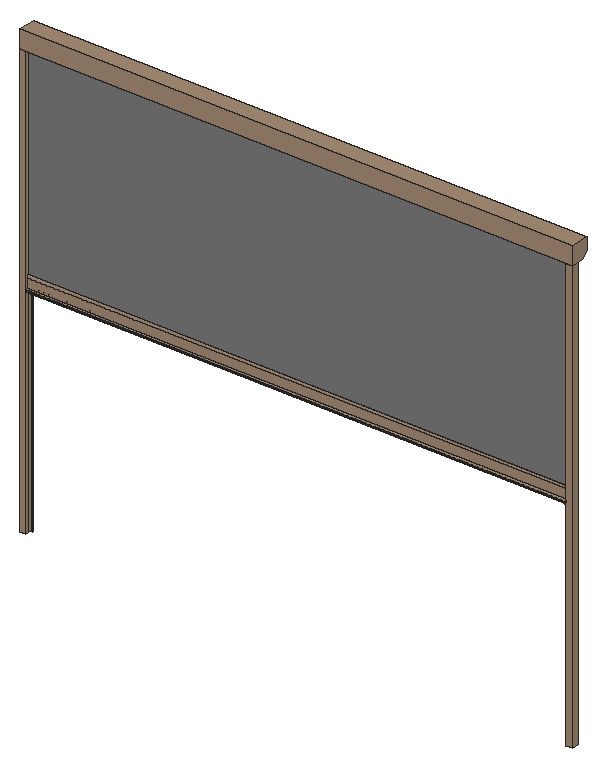
Revit family "Screen_LargeOpening_ExecutiveSeries_PhantomScreens", category Doors, host Wall, Revit 2016
Family settings
  Host = Wall
  OmniClass Number = 23.30.60.21
  OmniClass Title = Insect Screens
  Always vertical = Yes
  Cut with Voids When Loaded = No
  Shared = No
  Room Calculation Point = No
Parameters (values of type "Type as Specified")
  URL = "http://www.phantomscreens.com/"
  Type Comments = ""
  Track Width = 0' - 1 3/8"
  Track Depth = 0' - 1 17/32"
  Track = Light Cherry
  Specification = "http://www.phantomscreens.com/architects-designers/specifications-binder/"
  Slide Bar Width = 0' - 1 1/32"
  Slide Bar Height = 0' - 3 11/16"
  Slide Bar = Light Cherry
  Sizing Notes [instance] = if(or((Width > 25' 0"), (Height > 16' 0")), "Exceeds Maximum Size", "Standard Size")  # "Standard Size"
  Screen Width = 0' - 0 1/8"
  Screen = Opaque - Black
  Sales Information = "http://www.phantomscreens.com/support/"
  Roller Size [instance] = if(or((Width > 20' 0"), (Height > 11' 0")), 0' 5", (if(or((Width > 10' 0"), (Height > 8' 0")), 0' 4", 0' 2 1/2")))  # 0' - 2 1/2"
  Revision = "R1_08-2016"
  Product Properties = "http://www.phantomscreens.com/drive/uploads/2015/05/technical_specs_exec.pdf"
  Product Data = "http://www.arcat.com/arcatcos/cos9540/arc40535.html"
  Percent Open [instance] = 50
  Model = "Executive Series"
  Manufacturer Website = "http://www.phantomscreens.com/"
  Manufacturer Phone - Toll Free = ""
  Manufacturer Phone = "604-855-3654"
  Manufacturer Fax = "604-855-7834"
  Manufacturer Address = "30451 Simpson Rd.; Abbotsford; BC; Canada V2T 6C7"
  Manufacturer = "Phantom Screens"
  Keynote = "08 11 00"
  Installation-Fabrication = "http://www.phantomscreens.com/architects-designers/options/"
  Housing Size [instance] = if(or((Width > 20' 0"), (Height > 11' 0")), 0' 7 1/8", (if(or((Width > 10' 0"), (Height > 8' 0")), 0' 5 1/2", 0' 4")))  # 0' - 4"
  Housing = Light Cherry
  Function = Exterior
  Frame Projection Ext. = 0' - 1"
  Frame Projection Int. = 0' - 1"
  Frame Width = 0' - 3"
  Height [instance] = 8' - 0"
  Wall Closure = By host
  Width [instance] = 10' - 0"
  Drawn By = "Sumex Design - Robert S Weygant"
  Description = "Phantom Screens Executive Series Screen"
  Copyright = "� 2016 ARCAT Inc."
  Construction Details = "http://www.arcat.com/details/phantoms/95prod3444.html"
  Assembly Code = "B2020400"
  Amount Open [instance] = Height * (Percent Open / 100)  # 4' - 0"
Reference planes (in)
  plane 1 "Center (Front/Back)": y = 0
  plane 2 "Center (Left/Right)": x = 0
  plane 3 "Left": x = -60
  plane 4 "Right": x = 60
  plane 5 "Top": z = 96
  plane 6 "Exterior": y = 3
  plane 7 "Interior": y = -5
  plane 8: x = -61.375
  plane 9: y = 7
  plane 10: y = 4.53125
  plane 11: x = 61.375
  plane 12: z = 100
  plane 13: z = 51.6875
  plane 14: z = 48
  plane 15: y = 4.03125
  plane 16: y = 3.3635
  plane 17: y = 3.4885
Forms (in)
  Extrusion 1, solid, material "Light Cherry" <- "Track"
    sketch origin (0, 0, 0) x (1, 0, 0) y (0, 1, 0)
      loop
        line (-61.375, 4.53125) -> (-61.375, 3) -> (-60, 3) -> (-60, 3.3635) -> (-60.25, 3.3635) -> (-60.25, 3.4885) -> (-60, 3.4885) -> (-60, 4.40625) -> (-59.625, 4.40625) -> (-59.625, 4.53125) -> (-61.375, 4.53125)
      loop
        line (61.375, 4.53125) -> (59.625, 4.53125) -> (59.625, 4.40625) -> (60, 4.40625) -> (60, 3.4885) -> (60.25, 3.4885) -> (60.25, 3.3635) -> (60, 3.3635) -> (60, 3) -> (61.375, 3) -> (61.375, 4.53125)
    from 0 to 96
  Extrusion 2, solid, material "Light Cherry" <- "Housing"
    sketch origin (0, 0, 0) x (0, 1, 0) y (0, 0, 1)
      loop
        line (3, 100) -> (3, 96) -> (5.74264, 96) -> (7, 97.25736) -> (7, 100) -> (3, 100)
    from -61.375 to 61.375
  Extrusion 3, solid, material "Light Cherry" <- "Slide Bar"
    sketch origin (0, 0, 0) x (0, 1, 0) y (0, 0, 1)
      loop
        line (3.66775, 51.6875) -> (3.3635, 51.6875)
        arc (3.3635, 51.6875) -> (3.21471, 51.36839) -> (3.12357, 51.0283) r 2.0209
        line (3.12357, 51.0283) -> (3.12357, 49.02742) -> (3.27835, 49.02742) -> (3.27835, 48.97132)
        arc (3.27835, 48.97132) -> (3.09392, 48.81664) -> (3, 48.59501) r 0.51471
        line (3, 48.59501) -> (3, 48.4261)
        arc (3, 48.4261) -> (3.15071, 48.1398) -> (3.44249, 48) r 0.51471
        line (3.44249, 48) -> (3.5891, 48)
        arc (3.5891, 48) -> (3.90687, 48.17522) -> (4.03157, 48.516) r 0.51775
        arc (4.03157, 48.516) -> (3.95674, 48.7804) -> (3.75714, 48.96926) r 0.51775
        line (3.75714, 48.96926) -> (3.75714, 49.02742) -> (3.90768, 49.02742) -> (3.90768, 51.0283)
        arc (3.90768, 51.0283) -> (3.81654, 51.36839) -> (3.66775, 51.6875) r 2.0209
    from -60 to 60
  Extrusion 4, solid, material "Opaque - Black" <- "Screen"
    sketch origin (0, 0, 0) x (0, 1, 0) y (0, 0, 1)
      loop
        line (3.4885, 96) -> (3.3635, 96) -> (3.3635, 51.6875) -> (3.4885, 51.6875) -> (3.4885, 96)
    from -60 to 60
Lines and regions (in)
  Opening 1
    outline origin (-90, -5, 0) x (1, 0, 0) y (0, 0, 1)
      loop
        line (30, 0) -> (150, 0) -> (150, 96) -> (30, 96) -> (30, 0)
  symbolic lines, style "Elevation Swing"
    curve 1: line (60, 0, 96) -> (0, 0, 0)
    curve 2: line (0, 0, 0) -> (-59.625, 0, 96)
Text (in)
  text "Exterior" at (-74.96733, 27.31104, 0), in view "Ref. Level"
  text "Interior" at (-74.96733, -25.14366, 0), in view "Ref. Level"
  text "Exterior" at (0, 40.15149, 123.01588), in view "Right"
  text "Interior" at (0, -64.39139, 123.01588), in view "Right"
  text "Interior" at (0, -31.01599, 123.00693), in view "Left"
  text "Exterior" at (0, 54.57065, 123.00693), in view "Left"
Dimensions and locks (in)
  equal spacing: plane 3 "Left", plane 2 "Center (Left/Right)", plane 4 "Right"
  "Height": level to plane 5 "Top"
  "Width": plane 3 "Left" to plane 4 "Right"
  "Track Width": plane 8 to plane 3 "Left"
  "Track Depth": plane 6 "Exterior" to plane 10
  "Track Width": plane 4 "Right" to plane 11
  "Housing Size": plane 5 "Top" to plane 12
  "Housing Size": plane 9 to plane 6 "Exterior"
  "Slide Bar Height": plane 14 to plane 13
  "Slide Bar Width": plane 15 to plane 6 "Exterior"
  "Screen Width": plane 17 to plane 16
  "Amount Open": plane 14 to level
  locked: plane 16 to plane 6 "Exterior" at 0.3635
  locked: plane 10 to Extrusion 1 sketch curve at 0.125  (x2)
  locked: plane 3 "Left" to Extrusion 1 sketch curve at 0.375
  locked: plane 4 "Right" to Extrusion 1 sketch curve at 0.25
  locked: Extrusion 1 sketch curve to plane 4 "Right" at 0.375
  aligned and locked: plane 3 "Left" to Opening 1 sketch curve
  aligned and locked: plane 5 "Top" to Opening 1 sketch curve  (x2)
  aligned and locked: Opening 1 sketch curve to plane 4 "Right"
  aligned and locked: Opening 1 sketch curve to level
  aligned and locked: plane 6 "Exterior" to host wall
  aligned and locked: plane 7 "Interior" to host wall
  aligned and locked: Extrusion 1 sketch curve to plane 10  (x2)
  aligned and locked: plane 8 to Extrusion 1 sketch curve
  aligned and locked: host wall to Extrusion 1 sketch curve
  aligned and locked: Extrusion 1 to plane 5 "Top"
  aligned and locked: Extrusion 2 sketch curve to plane 12
  aligned and locked: Extrusion 2 sketch curve to plane 6 "Exterior"
  aligned and locked: Extrusion 2 sketch curve to plane 5 "Top"
  aligned and locked: Extrusion 2 sketch curve to plane 9
  aligned and locked: Extrusion 2 to plane 11
  aligned and locked: Extrusion 2 to plane 8
  aligned and locked: plane 13 to Extrusion 3 sketch curve
  aligned and locked: plane 14 to Extrusion 3 sketch curve
  aligned and locked: plane 6 "Exterior" to Extrusion 3 sketch curve
  aligned and locked: Extrusion 3 to plane 4 "Right"
  aligned and locked: Extrusion 4 sketch curve to plane 5 "Top"
  aligned and locked: plane 17 to Extrusion 4 sketch curve
  aligned and locked: Extrusion 4 sketch curve to Extrusion 3  (x2)
  aligned and locked: Extrusion 4 to plane 4 "Right"
  aligned and locked: plane 3 "Left" to Extrusion 4
  aligned and locked: plane 3 "Left" to Extrusion 1 sketch curve  (x2)
  aligned and locked: plane 4 "Right" to Extrusion 1 sketch curve
  aligned and locked: Extrusion 1 sketch curve to plane 11
  aligned and locked: plane 6 "Exterior" to Extrusion 1 sketch curve
  aligned and locked: Extrusion 1 sketch curve to plane 17
  aligned and locked: plane 16 to Extrusion 1 sketch curve
  aligned and locked: plane 3 "Left" to Extrusion 3
Automatic sketch dimensions
  Extrusion 2 sketch curve to plane 5 "Top" = 0' - 1.25736"
  Extrusion 2 sketch curve to plane 9 = 0' - 1.25736"
  plane 5 "Top" to Extrusion 2 sketch curve = 0' - 0"
  Extrusion 3 sketch curve to Extrusion 3 sketch curve = 0' - 0"  (x4)
  Extrusion 3 sketch curve to host wall = 0' - 1.08248"
  host wall to Extrusion 3 sketch curve = 0' - 0.12357"
  Extrusion 3 sketch curve to Extrusion 3 sketch curve = 0' - 0.15478"
  host wall to Extrusion 3 sketch curve = 0' - 0.44249"
  Extrusion 3 sketch curve to Extrusion 3 sketch curve = 0' - 0.00611"
  Extrusion 3 sketch curve to Extrusion 3 sketch curve = 0' - 0.14661"
  plane 15 to Extrusion 3 sketch curve = 0' - 0.27411"
  plane 15 to Extrusion 3 sketch curve = 0' - 0.12357"
  plane 10 to Extrusion 3 sketch curve = 0' - 0.58248"
  Extrusion 3 sketch curve to plane 14 = 0' - 0.4261"
  Extrusion 3 sketch curve to Extrusion 3 sketch curve = 0' - 0.00169"
  Extrusion 3 sketch curve to Extrusion 3 sketch curve = 0' - 0.00206"
  Extrusion 3 sketch curve to Extrusion 3 sketch curve = 0' - 0.0561"
  Extrusion 3 sketch curve to Extrusion 3 sketch curve = 0' - 0.05816"
  Extrusion 3 sketch curve to plane 13 = 0' - 1.0103"  (x2)
  Extrusion 3 sketch curve to Extrusion 3 sketch curve = 0' - 0.23993"  (x2)
  Extrusion 3 sketch curve to plane 15 = 0' - 0.00032"
  Extrusion 3 sketch curve to Extrusion 3 sketch curve = 0' - 0.06525"
  Extrusion 1 sketch curve to plane 16 = 0' - 0"
  Extrusion 1 sketch curve to plane 17 = 0' - 0"
  Extrusion 1 sketch curve to plane 4 "Right" = 0' - 0"
  Extrusion 1 sketch curve to host wall = 0' - 0"
  Extrusion 1 sketch curve to Extrusion 1 sketch curve = 0' - 0 1/4"
  curve 2 to plane 5 "Top" = 0' - 0"
  curve 2 to plane 2 "Center (Left/Right)" = 0' - 0"
  curve 1 to level = 0' - 0"
  plane 4 "Right" to curve 1 = 0' - 0"
  curve 2 to plane 3 "Left" = 0' - 0 3/8"
  curve 1 to plane 5 "Top" = 0' - 0"
